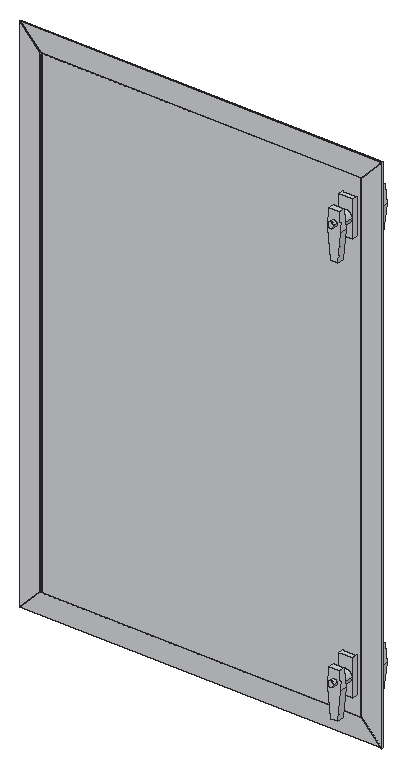
Revit family "WI-95", category Mechanical Equipment, Revit 2015
Parameters
  URL = "https://unitedenertech.com/catalog/pdf/J_3%20MODEL%20WI-95.pdf"
  Type Comments = "Consult Factory for Max. Sizes"
  Model = "WI-95"
  Manufacturer = "United Enertech Corporation"
  Exact Width = 2' - 0"
  Exact Height = 3' - 0"
  Door Width [instance] = Exact Width - 0' 0 5/16"  # 1' - 11 11/16"
  Door Height [instance] = Exact Height - 0' 0 5/16"  # 2' - 11 11/16"
  Description = "Plenum (Walk-In) Sticktite Access Door"
Reference planes (in)
  plane 1 "Center (Front/Back)": y = 0
  plane 2: z = 0
  plane 3 "Center (Left/Right)": x = 0
  plane 4: x = -12
  plane 5: x = 12
  plane 6: z = 18
  plane 7: z = -18
  plane 8: y = -1.5
  plane 9: x = 11
  plane 10: z = 16.5
  plane 11: z = -16.5
Dimensions and locks (in)
  equal spacing: plane 4, plane 3 "Center (Left/Right)", plane 5
  "Exact Width": plane 4 to plane 5
  equal spacing: plane 6, level, plane 7
  "Exact Height": plane 6 to plane 7
  locked: plane 1 "Center (Front/Back)" to plane 8 at 1.5
  locked: plane 9 to plane 5 at 1
  locked: plane 6 to plane 10 at 1.5
  locked: plane 11 to plane 7 at 1.5
  aligned and locked: level to plane 2
  aligned and locked: nested 1 to plane 3 "Center (Left/Right)"
  aligned and locked: nested 1 to plane 1 "Center (Front/Back)"
  aligned and locked: plane 6 to nested 1
  aligned and locked: plane 7 to nested 4
  aligned and locked: plane 3 "Center (Left/Right)" to nested 4
  aligned and locked: plane 1 "Center (Front/Back)" to nested 4
  aligned and locked: nested 2 to level
  aligned and locked: nested 2 to plane 1 "Center (Front/Back)"
  aligned and locked: plane 4 to nested 2
  aligned and locked: level to nested 5
  aligned and locked: plane 1 "Center (Front/Back)" to nested 5
  aligned and locked: nested 5 to plane 5
  aligned and locked: plane 3 "Center (Left/Right)" to nested 3
  aligned and locked: nested 3 to plane 8
  aligned and locked: plane 8 to nested 6
  aligned and locked: nested 6 to plane 9
  aligned and locked: plane 10 to nested 6
  aligned and locked: nested 7 to plane 9
  aligned and locked: plane 11 to nested 7
  aligned and locked: plane 8 to nested 7
Nested families (in)
  nested 1: "WI Frame 2" at (0, -1.5, 17.875) x (-1, 0, 0) z (0, 0, 1), type "WI Frame 2"
    with L 2' - 0"
  nested 2: "WI Frame 1" at (-11.875, -1.5, 0) x (0, 0, -1) z (-1, 0, 0), type "WI Frame 1"
    with L 3' - 0"
  nested 3: "WI Door" at (0, -1.035, 0), type "WI Door"
    with W 1' - 11 11/16", H 2' - 11 11/16"
  nested 4: "WI Frame 2" at (0, -1.5, -17.875) x (-1, 0, 0) z (0, 0, -1), type "WI Frame 2"
    with L 2' - 0"
  nested 5: "WI Frame 1" at (11.875, -1.5, 0) x (0, 0, -1) z (1, 0, 0), type "WI Frame 1"
    with L 3' - 0"
  nested 6: "WI Handles" at (11, -3.23, 15.1875) x (-1, 0, 0) z (0, 0, 1), type "WI Handles"
  nested 7: "WI Handles" at (11, -3.23, -15.1875) x (-1, 0, 0) z (0, 0, 1), type "WI Handles"
Definition of nested family "WI Frame 2"
  Parameters (values of type "WI Frame 2")
    L = 1' - 0"
  Reference planes (in)
    plane 1 "Center (Front/Back)": y = 0
    plane 2: z = 0
    plane 3 "Center (Left/Right)": x = 0
    plane 4: x = -6
    plane 5: x = 6
    plane 6: x = -10
    plane 7: x = 10
  Forms (in)
    Extrusion 1, solid
      sketch origin (0, 1.92037, 2.29963) x (0, 0, 1) y (0, -1, 0)
        loop
          line (-2.29963, 1.92037) -> (-0.79963, 1.92037) -> (-0.79963, 2.04537) -> (-2.17463, 2.04537) -> (-2.17463, 3.42037) -> (-2.29963, 3.42037) -> (-2.29963, 1.92037)
      from -10 to 10
    Extrusion 2, void
      sketch origin (-3.33468, 0, 0) x (-1, 0, 0) y (0, 0, -1)
        loop
          line (-13.33468, 0) -> (-13.33468, -4.125) -> (-9.20968, 0) -> (-13.33468, 0)
      from 0 to 12
    Extrusion 3, void
      sketch origin (3.33468, 0, 0) x (1, 0, 0) y (0, 0, 1)
        loop
          line (-13.33468, 0) -> (-9.20968, 0) -> (-13.33468, 4.125) -> (-13.33468, 0)
      from 0 to 12
  Cuts and joins
    Extrusion 2, Extrusion 3 cuts Extrusion 1
  Dimensions and locks (in)
    equal spacing: plane 4, plane 3 "Center (Left/Right)", plane 5
    "L": plane 4 to plane 5
    locked: plane 6 to plane 4 at 4
    locked: plane 5 to plane 7 at 4
    locked: Extrusion 2 sketch curve to Extrusion 2 sketch curve (angle 45.00°)
    locked: Extrusion 3 sketch curve to Extrusion 3 sketch curve (angle 45.00°)
    aligned and locked: level to plane 2
    aligned and locked: Extrusion 1 to plane 7
    aligned and locked: Extrusion 1 to plane 6
    aligned and locked: Extrusion 2 sketch curve to level
    aligned and locked: Extrusion 2 sketch curve to plane 7
  Automatic sketch dimensions
    Extrusion 1 sketch curve to level = 0' - 0"
    Extrusion 1 sketch curve to plane 1 "Center (Front/Back)" = 0' - 0"
    level to Extrusion 1 sketch curve = 0' - 0 1/8"
    Extrusion 1 sketch curve to Extrusion 1 sketch curve = 0' - 1 3/8"  (x2)
    plane 1 "Center (Front/Back)" to Extrusion 1 sketch curve = 0' - 0 1/8"
    plane 5 to Extrusion 2 sketch curve = 0' - 0 1/8"
    Extrusion 3 sketch curve to plane 6 = 0' - 0"
    Extrusion 3 sketch curve to level = 0' - 0"
    plane 4 to Extrusion 3 sketch curve = 0' - 0 1/8"
Definition of nested family "WI Frame 1"
  Parameters (values of type "WI Frame 1")
    L = 1' - 0"
  Reference planes (in)
    plane 1 "Center (Front/Back)": y = 0
    plane 2: z = 0
    plane 3 "Center (Left/Right)": x = 0
    plane 4: x = -6
    plane 5: x = 6
    plane 6: x = -10
    plane 7: x = 10
  Forms (in)
    Extrusion 1, solid
      sketch origin (0, 1.92037, 2.29963) x (0, 0, 1) y (0, -1, 0)
        loop
          line (-2.29963, 1.92037) -> (-0.79963, 1.92037) -> (-0.79963, 2.04537) -> (-2.17463, 2.04537) -> (-2.17463, 3.42037) -> (-2.29963, 3.42037) -> (-2.29963, 1.92037)
      from -10 to 10
    Extrusion 2, void
      sketch origin (-3.33468, 0, 0) x (-1, 0, 0) y (0, 0, -1)
        loop
          line (-13.33468, 0) -> (-13.33468, -4.125) -> (-9.20968, 0) -> (-13.33468, 0)
      from 0 to 12
    Extrusion 3, void
      sketch origin (3.33468, 0, 0) x (1, 0, 0) y (0, 0, 1)
        loop
          line (-13.33468, 0) -> (-9.20968, 0) -> (-13.33468, 4.125) -> (-13.33468, 0)
      from 0 to 12
  Cuts and joins
    Extrusion 2, Extrusion 3 cuts Extrusion 1
  Dimensions and locks (in)
    equal spacing: plane 4, plane 3 "Center (Left/Right)", plane 5
    "L": plane 4 to plane 5
    locked: plane 6 to plane 4 at 4
    locked: plane 5 to plane 7 at 4
    locked: Extrusion 2 sketch curve to Extrusion 2 sketch curve (angle 45.00°)
    locked: Extrusion 3 sketch curve to Extrusion 3 sketch curve (angle 45.00°)
    aligned and locked: level to plane 2
    aligned and locked: Extrusion 1 to plane 7
    aligned and locked: Extrusion 1 to plane 6
    aligned and locked: Extrusion 2 sketch curve to level
    aligned and locked: Extrusion 2 sketch curve to plane 7
  Automatic sketch dimensions
    Extrusion 1 sketch curve to level = 0' - 0"
    Extrusion 1 sketch curve to plane 1 "Center (Front/Back)" = 0' - 0"
    level to Extrusion 1 sketch curve = 0' - 0 1/8"
    Extrusion 1 sketch curve to Extrusion 1 sketch curve = 0' - 1 3/8"  (x2)
    plane 1 "Center (Front/Back)" to Extrusion 1 sketch curve = 0' - 0 1/8"
    plane 5 to Extrusion 2 sketch curve = 0' - 0 1/8"
    Extrusion 3 sketch curve to plane 6 = 0' - 0"
    Extrusion 3 sketch curve to level = 0' - 0"
    plane 4 to Extrusion 3 sketch curve = 0' - 0 1/8"
Definition of nested family "WI Door"
  Parameters (values of type "WI Door")
    W = 2' - 0"
    H = 3' - 0"
  Reference planes (in)
    plane 1 "Center (Front/Back)": y = 0.25375
    plane 2: z = 0
    plane 3 "Center (Left/Right)": x = 0
    plane 4: x = -12
    plane 5: z = 18
    plane 6: z = -18
    plane 7: x = 12
    plane 8: y = -0.465
    plane 9: y = 0.9725
    plane 10: x = -11.9375
    plane 11: x = -12.0625
    plane 12: y = -0.4025
    plane 13: y = -0.5275
  Forms (in)
    Extrusion 1, solid
      sketch origin (0, 0.25375, 0) x (1, 0, 0) y (0, 0, 1)
        loop
          line (-12, 18) -> (-12, -18) -> (12, -18) -> (12, 18) -> (-12, 18)
      from -0.71875 to 0.71875
    Extrusion 2, solid
      sketch origin (0.16564, 0, 0) x (1, 0, 0) y (0, 1, 0)
        loop
          circle (-12.16564, -0.465) r 0.0625
      from -18 to 18
  Dimensions and locks (in)
    equal spacing: plane 4, plane 3 "Center (Left/Right)", plane 7
    "W": plane 4 to plane 7
    equal spacing: plane 5, level, plane 6
    "H": plane 5 to plane 6
    equal spacing: plane 11, plane 4, plane 10
    locked: plane 11 to plane 10 at 0.125
    equal spacing: plane 12, plane 8, plane 13
    locked: plane 12 to plane 13 at 0.125
    equal spacing: plane 9, plane 1 "Center (Front/Back)", plane 8
    locked: plane 9 to plane 8 at 1.4375
    aligned and locked: level to plane 2
    aligned and locked: Extrusion 1 sketch curve to plane 5
    aligned and locked: plane 6 to Extrusion 1 sketch curve
    aligned and locked: Extrusion 1 sketch curve to plane 4
    aligned and locked: Extrusion 1 sketch curve to plane 7
    aligned and locked: Extrusion 1 to plane 9
    aligned and locked: Extrusion 1 to plane 8
    aligned and locked: plane 5 to Extrusion 2
    aligned and locked: Extrusion 2 to plane 6
  Automatic sketch dimensions
    Extrusion 2 sketch curve to plane 8 = 0' - 0"
    Extrusion 2 sketch curve to plane 11 = 0' - 0 1/16"
    radius of Extrusion 2 sketch curve = 0' - 0 1/16"
Definition of nested family "WI Handles"
  Reference planes (in)
    plane 1 "Center (Front/Back)": y = 0
    plane 2: z = 0
    plane 3 "Center (Left/Right)": x = 0
    plane 4: z = 1.3125
    plane 5: z = -1.3125
  Forms (in)
    Extrusion 1, solid
      sketch origin (0, 0, 0) x (1, 0, 0) y (0, 0, 1)
        loop
          circle (0, 0) r 0.2
      from 0 to 0.3
    Extrusion 2, solid
      sketch origin (0, 0, 0) x (1, 0, 0) y (0, 0, 1)
        loop
          line (-0.5, 1.3125) -> (-0.5, -1.3125) -> (0.5, -1.3125) -> (0.5, 1.3125) -> (-0.5, 1.3125)
      from 1.35 to 1.73
    Extrusion 3, solid
      sketch origin (0, 0, 0) x (1, 0, 0) y (0, 0, 1)
        loop
          circle (0, 0) r 0.4
      from 1.73 to 3.98
    Extrusion 4, solid
      sketch origin (2.99287, 0, -3.01573) x (1, 0, 0) y (0, 0, 1)
        loop
          line (-3.36787, 3.87823) -> (-3.47503, 2.57981) -> (-3.22503, 0.50323) -> (-2.7607, 0.50323) -> (-2.5107, 2.57981) -> (-2.61787, 3.87823) -> (-3.36787, 3.87823)
      from 0.3 to 0.75
    Extrusion 5, solid
      sketch origin (0, 0, 0) x (1, 0, 0) y (0, 0, 1)
        loop
          circle (0, 0) r 0.44657
      from 0.75 to 1.35
    Extrusion 6, solid
      sketch origin (2.99287, -3.46, -3.01573) x (1, 0, 0) y (0, 0, -1)
        loop
          line (-3.36787, -3.87823) -> (-2.61787, -3.87823) -> (-2.5107, -2.57981) -> (-2.7607, -0.50323) -> (-3.22503, -0.50323) -> (-3.47503, -2.57981) -> (-3.36787, -3.87823)
      from -1.07 to -0.52
  Dimensions and locks (in)
    aligned and locked: level to plane 2
